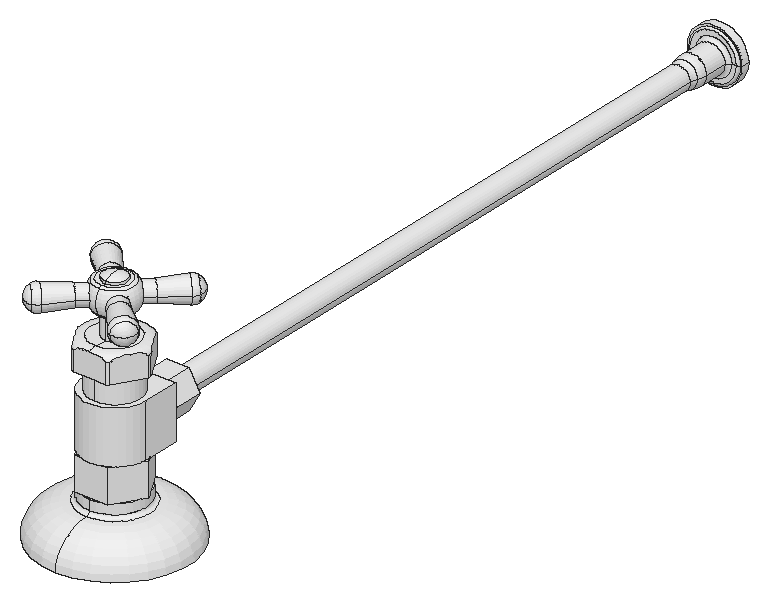
Revit family "Supply_Kit-Watercloset-Waterworks-Universal-Angle", category Plumbing Fixtures, host Face, Revit 2014
Parameters (values of type "NOT A TYPE - Load Type Catalog")
  ‌Installation Requirements or Notes = "Additional made-to-order finish options are available in 12 weeks from purchase\r\n"  # constant formula
  Water Pressure = "Max: 85psi / Min: 20psi / Recommended: 45psi"  # constant formula
  Waste Connection = 1 = 0  # no
  Warranty = "http://www.waterworks.com/warranty"
  Version = "2014 - v1.0a"  # constant formula
  Vent Connection = 1 = 0  # no
  Support Phone = "(224) 699-9545"  # constant formula
  Support Email = "mailto:support@anguleris.com"
  Pressure = 45.00 psi
  Outlet Connection Diameter = 0' - 0 3/8"  # constant formula
  Model SKU = if(and(Constraint = 1, ControlM = 1), "26-98128-10038", if(and(Constraint = 1, ControlM = 2), "26-94704-48892", if(and(Constraint = 1, ControlM = 3), "26-91500-49692", if(and(Constraint = 1, ControlM = 4), "26-75215-59631", if(and(Constraint = 1, ControlM = 5), "26-40591-17287", if(and(Constraint = 1, ControlM = 6), "26-79504-86116", if(and(Constraint = 1, ControlM = 7), "26-94383-34073", if(and(Constraint = 1, ControlM = 8), "26-85701-08009", if(and(Constraint = 1, ControlM = 9), "26-47688-23317", if(and(Constraint = 1, ControlM = 10), "26-64024-09915", if(and(Constraint = 1, ControlM = 11), "26-94389-50764", if(and(Constraint = 1, ControlM = 12), "26-53021-63245", if(and(Constraint = 1, ControlM = 13), "26-52522-07735", if(and(Constraint = 1, ControlM = 14), "26-82545-86021", if(and(Constraint = 1, ControlM = 15), "26-50209-75321", if(and(Constraint = 1, ControlM = 16), "26-20730-88148", if(and(Constraint = 1, ControlM = 17), "26-80070-28824", if(and(Constraint = 2, ControlM = 1), "26-05712-82175", if(and(Constraint = 2, ControlM = 2), "26-62939-38577", if(and(Constraint = 2, ControlM = 3), "26-67944-86272", if(and(Constraint = 2, ControlM = 4), "26-81442-82545", if(and(Constraint = 2, ControlM = 5), "26-34765-26806", if(and(Constraint = 2, ControlM = 6), "26-22145-74198", if(and(Constraint = 2, ControlM = 7), "26-41698-21325", if(and(Constraint = 2, ControlM = 8), "26-48377-83750", if(and(Constraint = 2, ControlM = 9), "26-17450-04785", if(and(Constraint = 2, ControlM = 10), "26-32227-72857", if(and(Constraint = 2, ControlM = 11), "26-38601-89249", if(and(Constraint = 2, ControlM = 12), "26-69594-07291", if(and(Constraint = 2, ControlM = 13), "26-21722-80402", if(and(Constraint = 2, ControlM = 14), "26-01799-84264", if(and(Constraint = 2, ControlM = 15), "26-77155-91201", "Not Available"))))))))))))))))))))))))))))))))  # "26-98128-10038"
  Manufacturer Email = "mailto:acallanan@waterworks.com"
  Short Trim = if(Constraint = 1, 1 = 1, 1 = 0)  # yes
  Length = if(Constraint = 1, 0' 2 3/8", if(Constraint = 2, 0' 2 3/16", 0' 2 3/16"))  # 0' - 2 3/8"
  Keynote = "22 40 00"
  Height Note [instance] = if(Constraint = 1, "4 1/2” - 1' 1 3/8”", if(Constraint = 2, "4 1/2” - 13 1/2”", "Not Available"))  # "4 1/2” - 1' 1 3/8”"
  Height [instance] = C Height  # 1' - 1 3/8"
  HW Connection = 1 = 0  # no
  WFU = 0
  URL = "http://www.waterworks.com/"
  Product Page URL = "http://www.waterworks.com/universal-angle-watercloset-supply-kits-1-2-compression-x-3-8-od-compression-unms31"
  Product Name = if(and(Constraint = 1, ControlM = 1), "Universal Angle Watercloset Supply Kits 1/2” Compression x 3/8” O.D. Compression in Antique Brass", if(and(Constraint = 1, ControlM = 2), "Universal Angle Watercloset Supply Kits 1/2” Compression x 3/8” O.D. Compression in Antique Copper", if(and(Constraint = 1, ControlM = 3), "Universal Angle Watercloset Supply Kits 1/2” Compression x 3/8” O.D. Compression in Architectural Bronze", if(and(Constraint = 1, ControlM = 4), "Universal Angle Watercloset Supply Kits 1/2” Compression x 3/8” O.D. Compression in Burnished Brass", if(and(Constraint = 1, ControlM = 5), "Universal Angle Watercloset Supply Kits 1/2” Compression x 3/8” O.D. Compression in Burnished Nickel", if(and(Constraint = 1, ControlM = 6), "Universal Angle Watercloset Supply Kits 1/2” Compression x 3/8” O.D. Compression in Carbon", if(and(Constraint = 1, ControlM = 7), "Universal Angle Watercloset Supply Kits 1/2” Compression x 3/8” O.D. Compression in Chrome", if(and(Constraint = 1, ControlM = 8), "Universal Angle Watercloset Supply Kits 1/2” Compression x 3/8” O.D. Compression in Gold", if(and(Constraint = 1, ControlM = 9), "Universal Angle Watercloset Supply Kits 1/2” Compression x 3/8” O.D. Compression in Matte Gold", if(and(Constraint = 1, ControlM = 10), "Universal Angle Watercloset Supply Kits 1/2” Compression x 3/8” O.D. Compression in Matte Nickel", if(and(Constraint = 1, ControlM = 11), "Universal Angle Watercloset Supply Kits 1/2” Compression x 3/8” O.D. Compression in Nickel", if(and(Constraint = 1, ControlM = 12), "Universal Angle Watercloset Supply Kits 1/2” Compression x 3/8” O.D. Compression in Pewter", if(and(Constraint = 1, ControlM = 13), "Universal Angle Watercloset Supply Kits 1/2” Compression x 3/8” O.D. Compression in Shiny Copper", if(and(Constraint = 1, ControlM = 14), "Universal Angle Watercloset Supply Kits 1/2” Compression x 3/8” O.D. Compression in Sovereign", if(and(Constraint = 1, ControlM = 15), "Universal Angle Watercloset Supply Kits 1/2” Compression x 3/8” O.D. Compression in Unfinished", if(and(Constraint = 1, ControlM = 16), "Universal Angle Watercloset Supply Kits 1/2” Compression x 3/8” O.D. Compression in Unlacquered Brass", if(and(Constraint = 1, ControlM = 17), "Universal Angle Watercloset Supply Kits 1/2” Compression x 3/8” O.D. Compression in Vintage Brass", if(and(Constraint = 2, ControlM = 1), "Universal Angle Watercloset Supply Kits 1/2” Sweat x 3/8” O.D. Compression in Antique Brass", if(and(Constraint = 2, ControlM = 2), "Universal Angle Watercloset Supply Kits 1/2” Sweat x 3/8” O.D. Compression in Antique Copper", if(and(Constraint = 2, ControlM = 3), "Universal Angle Watercloset Supply Kits 1/2” Sweat x 3/8” O.D. Compression in Architectural Bronze", if(and(Constraint = 2, ControlM = 4), "Universal Angle Watercloset Supply Kits 1/2” Sweat x 3/8” O.D. Compression in Burnished Brass", if(and(Constraint = 2, ControlM = 5), "Universal Angle Watercloset Supply Kits 1/2” Sweat x 3/8” O.D. Compression in Carbon", if(and(Constraint = 2, ControlM = 6), "Universal Angle Watercloset Supply Kits 1/2” Sweat x 3/8” O.D. Compression in Chrome", if(and(Constraint = 2, ControlM = 7), "Universal Angle Watercloset Supply Kits 1/2” Sweat x 3/8” O.D. Compression in Gold", if(and(Constraint = 2, ControlM = 8), "Universal Angle Watercloset Supply Kits 1/2” Sweat x 3/8” O.D. Compression in Matte Gold", if(and(Constraint = 2, ControlM = 9), "Universal Angle Watercloset Supply Kits 1/2” Sweat x 3/8” O.D. Compression in Matte Nickel", if(and(Constraint = 2, ControlM = 10), "Universal Angle Watercloset Supply Kits 1/2” Sweat x 3/8” O.D. Compression in Nickel", if(and(Constraint = 2, ControlM = 11), "Universal Angle Watercloset Supply Kits 1/2” Sweat x 3/8” O.D. Compression in Pewter", if(and(Constraint = 2, ControlM = 12), "Universal Angle Watercloset Supply Kits 1/2” Sweat x 3/8” O.D. Compression in Shiny Copper", if(and(Constraint = 2, ControlM = 13), "Universal Angle Watercloset Supply Kits 1/2” Sweat x 3/8” O.D. Compression in Sovereign", if(and(Constraint = 2, ControlM = 14), "Universal Angle Watercloset Supply Kits 1/2” Sweat x 3/8” O.D. Compression in Unlacquered Brass", if(and(Constraint = 2, ControlM = 15), "Universal Angle Watercloset Supply Kits 1/2” Sweat x 3/8” O.D. Compression in Vintage Brass", "Not Available"))))))))))))))))))))))))))))))))  # "Universal Angle Watercloset Supply Kits 1/2” Compression x 3/8” O.D. Compression in Antique Brass"
  Product Documentation Link = "http://assets.waterworks.com/wasset/185/original/38585.pdf"
  Model = if(Constraint = 1, "UNMS31", if(Constraint = 2, "UNMS33", "Not Available"))  # "UNMS31"
  Material = ""
  Manufacturer Phone Number = "(203)546-6201"  # constant formula
  Manufacturer Address = "60 Backus Avenue, Danbury, CT 06810"  # constant formula
  Manufacturer = "Waterworks"  # constant formula
  HWFU = 0
  Finish = Metal - Waterworks - Chrome
  Desired Height [instance] = 1' - 1 3/8"
  Desired Depth [instance] = 0' - 3 13/16"
  Description = if(and(Constraint = 1, ControlM = 1), "Universal Angle Watercloset Supply Kits 1/2” Compression x 3/8” O.D. Compression in Antique Brass", if(and(Constraint = 1, ControlM = 2), "Universal Angle Watercloset Supply Kits 1/2” Compression x 3/8” O.D. Compression in Antique Copper", if(and(Constraint = 1, ControlM = 3), "Universal Angle Watercloset Supply Kits 1/2” Compression x 3/8” O.D. Compression in Architectural Bronze", if(and(Constraint = 1, ControlM = 4), "Universal Angle Watercloset Supply Kits 1/2” Compression x 3/8” O.D. Compression in Burnished Brass", if(and(Constraint = 1, ControlM = 5), "Universal Angle Watercloset Supply Kits 1/2” Compression x 3/8” O.D. Compression in Burnished Nickel", if(and(Constraint = 1, ControlM = 6), "Universal Angle Watercloset Supply Kits 1/2” Compression x 3/8” O.D. Compression in Carbon", if(and(Constraint = 1, ControlM = 7), "Universal Angle Watercloset Supply Kits 1/2” Compression x 3/8” O.D. Compression in Chrome", if(and(Constraint = 1, ControlM = 8), "Universal Angle Watercloset Supply Kits 1/2” Compression x 3/8” O.D. Compression in Gold", if(and(Constraint = 1, ControlM = 9), "Universal Angle Watercloset Supply Kits 1/2” Compression x 3/8” O.D. Compression in Matte Gold", if(and(Constraint = 1, ControlM = 10), "Universal Angle Watercloset Supply Kits 1/2” Compression x 3/8” O.D. Compression in Matte Nickel", if(and(Constraint = 1, ControlM = 11), "Universal Angle Watercloset Supply Kits 1/2” Compression x 3/8” O.D. Compression in Nickel", if(and(Constraint = 1, ControlM = 12), "Universal Angle Watercloset Supply Kits 1/2” Compression x 3/8” O.D. Compression in Pewter", if(and(Constraint = 1, ControlM = 13), "Universal Angle Watercloset Supply Kits 1/2” Compression x 3/8” O.D. Compression in Shiny Copper", if(and(Constraint = 1, ControlM = 14), "Universal Angle Watercloset Supply Kits 1/2” Compression x 3/8” O.D. Compression in Sovereign", if(and(Constraint = 1, ControlM = 15), "Universal Angle Watercloset Supply Kits 1/2” Compression x 3/8” O.D. Compression in Unfinished", if(and(Constraint = 1, ControlM = 16), "Universal Angle Watercloset Supply Kits 1/2” Compression x 3/8” O.D. Compression in Unlacquered Brass", if(and(Constraint = 1, ControlM = 17), "Universal Angle Watercloset Supply Kits 1/2” Compression x 3/8” O.D. Compression in Vintage Brass", if(and(Constraint = 2, ControlM = 1), "Universal Angle Watercloset Supply Kits 1/2” Sweat x 3/8” O.D. Compression in Antique Brass", if(and(Constraint = 2, ControlM = 2), "Universal Angle Watercloset Supply Kits 1/2” Sweat x 3/8” O.D. Compression in Antique Copper", if(and(Constraint = 2, ControlM = 3), "Universal Angle Watercloset Supply Kits 1/2” Sweat x 3/8” O.D. Compression in Architectural Bronze", if(and(Constraint = 2, ControlM = 4), "Universal Angle Watercloset Supply Kits 1/2” Sweat x 3/8” O.D. Compression in Burnished Brass", if(and(Constraint = 2, ControlM = 5), "Universal Angle Watercloset Supply Kits 1/2” Sweat x 3/8” O.D. Compression in Carbon", if(and(Constraint = 2, ControlM = 6), "Universal Angle Watercloset Supply Kits 1/2” Sweat x 3/8” O.D. Compression in Chrome", if(and(Constraint = 2, ControlM = 7), "Universal Angle Watercloset Supply Kits 1/2” Sweat x 3/8” O.D. Compression in Gold", if(and(Constraint = 2, ControlM = 8), "Universal Angle Watercloset Supply Kits 1/2” Sweat x 3/8” O.D. Compression in Matte Gold", if(and(Constraint = 2, ControlM = 9), "Universal Angle Watercloset Supply Kits 1/2” Sweat x 3/8” O.D. Compression in Matte Nickel", if(and(Constraint = 2, ControlM = 10), "Universal Angle Watercloset Supply Kits 1/2” Sweat x 3/8” O.D. Compression in Nickel", if(and(Constraint = 2, ControlM = 11), "Universal Angle Watercloset Supply Kits 1/2” Sweat x 3/8” O.D. Compression in Pewter", if(and(Constraint = 2, ControlM = 12), "Universal Angle Watercloset Supply Kits 1/2” Sweat x 3/8” O.D. Compression in Shiny Copper", if(and(Constraint = 2, ControlM = 13), "Universal Angle Watercloset Supply Kits 1/2” Sweat x 3/8” O.D. Compression in Sovereign", if(and(Constraint = 2, ControlM = 14), "Universal Angle Watercloset Supply Kits 1/2” Sweat x 3/8” O.D. Compression in Unlacquered Brass", if(and(Constraint = 2, ControlM = 15), "Universal Angle Watercloset Supply Kits 1/2” Sweat x 3/8” O.D. Compression in Vintage Brass", "Not Available"))))))))))))))))))))))))))))))))  # "Universal Angle Watercloset Supply Kits 1/2” Compression x 3/8” O.D. Compression in Antique Brass"
  Depth Note [instance] = if(Constraint = 1, "Set Depth of 3 13/16”", if(Constraint = 2, "4 1/2” & 7 7/8”", "Not Available"))  # "Set Depth of 3 13/16”"
  Depth [instance] = C Depth  # 0' - 3 13/16"
  Default Elevation = 2' - 10"
  Long Trim = not(Short Trim)  # no
  Copyright = "@2017 Waterworks Operating Company LLC. All rights reserved"  # constant formula
  ControlM = 1
  Constraint = 1
  Cold Water Outlet Connection = "Outlet - Compression"  # constant formula
  Cold Water Diameter = 0' - 0 1/2"  # constant formula
  Cold Water Inlet Connection = if(Constraint = 1, "Inlet - Compression", if(Constraint = 2, "Inlet - Sweat", "Not Available"))  # "Inlet - Compression"
  Code Compliance = if(Constraint = 1, "Code # FDMS31: ASME A112.18.1 / CSA B125.1, IAPMO, State of MA", if(Constraint = 2, "Code # FDMS33: ASME A112.18.1 / CSA B125.1, IAPMO, State of MA", "Not Available"))  # "Code # FDMS31: ASME A112.18.1 / CSA B125.1, IAPMO, State of MA"
  Certification cUPC = 1 = 1  # yes
  Certification State of MA = 1 = 1  # yes
  Certification IAPMO = 1 = 1  # yes
  CWFU = 0
  CW Connection = 1 = 1  # yes
  C Height [instance] = if(Desired Height < 0' 4 1/2", 0' 4 1/2", if(and(Desired Height > 1' 1 3/8", Constraint = 1), 1' 1 3/8", if(and(Desired Height > 1' 1 1/2", Constraint = 2), 1' 1 1/2", Desired Height)))  # 1' - 1 3/8"
  C Depth [instance] = if(Constraint = 1, 0' 3 13/16", if(and(Constraint = 2, Desired Depth < 0' 4 1/2"), 0' 4 1/2", if(and(Constraint = 2, Desired Depth > 0' 7 7/8"), 0' 7 7/8", Desired Depth)))  # 0' - 3 13/16"
  Assembly Code = "D2010"
  ADA Compliant = 1 = 1  # yes
Reference planes (in)
  plane 1 "Center (Front/Back)": y = 0
  plane 2 "Back": z = 0
  plane 3 "Center (Left/Right)": x = 0
  plane 4 "Top": y = 12.1875
  plane 5: z = 1.625
  plane 6: z = 3.50686
  plane 7 "Front": z = 3.8125
  plane 8 "Bottom": y = -1.1875
  plane 9: y = 1.1875
Forms (in)
  Revolve 1, solid, material "Metal - Waterworks - Chrome" <- "Finish"
    sketch origin (0, 0, 0) x (0, 1, 0) y (0, 0, 1)
      loop
        line (0, 0) -> (0.375, 0) -> (0.375, 1) -> (0.40625, 1) -> (0.40625, 2.5) -> (0.1875, 2.5) -> (0.1875, 3.28811) -> (0.25764, 3.28811)
        arc (0.25764, 3.28811) -> (0.28465, 3.29425) -> (0.30635, 3.31145) r 0.0625
        arc (0.30635, 3.31145) -> (0.37515, 3.50686) -> (0.30635, 3.70227) r 0.3119
        arc (0.30635, 3.70227) -> (0.28465, 3.71947) -> (0.25764, 3.72561) r 0.0625
        line (0.25764, 3.72561) -> (0.1875, 3.72561) -> (0.1875, 3.75686)
        arc (0.1875, 3.75686) -> (0.09779, 3.7983) -> (0, 3.8125) r 0.34375
        line (0, 3.8125) -> (0, 0)
      axis (0, 3.8125) -> (0, 0)
    angle from 0 to 360
  Extrusion 2, solid, material "Metal - Waterworks - Chrome" <- "Finish"
    sketch origin (0, 0, 0) x (1, 0, 0) y (0, 1, 0)
      loop
        line (-0.27063, 0.46875) -> (-0.54127, 0) -> (-0.27063, -0.46875) -> (0.27063, -0.46875) -> (0.54127, 0) -> (0.27063, 0.46875) -> (-0.27063, 0.46875)
    from 0.75 to 1.28125
  Extrusion 3, solid, material "Metal - Waterworks - Chrome" <- "Finish"
    sketch origin (0, 0, 0) x (1, 0, 0) y (0, 1, 0)
      loop
        arc (-0.5, 0) -> (0, -0.5) -> (0.5, 0) r 0.5
        line (0.5, 0) -> (0.5, 0.59375) -> (-0.5, 0.59375) -> (-0.5, 0)
    from 1.28125 to 2.125
  Revolve 4, solid, material "Metal - Waterworks - Chrome" <- "Finish"
    sketch origin (0, 0, 0) x (0, 1, 0) y (0, 0, 1)
      loop
        line (0, 2.5) -> (0.5625, 2.5) -> (0.5625, 2.8125)
        spline (0.5625, 2.8125) -> (0.5609, 2.82474) -> (0.55611, 2.83676) -> (0.54823, 2.84838) -> (0.53738, 2.85937) -> (0.52375, 2.86957) -> (0.50758, 2.87879) -> (0.48914, 2.88688) -> (0.46875, 2.89369) -> (0.44675, 2.89911) -> (0.42353, 2.90306) -> (0.39947, 2.90545) -> (0.375, 2.90625)
        line (0.375, 2.90625) -> (0, 2.90625) -> (0, 2.5)
      axis (0, 2.90625) -> (0, 2.5)
    angle from 0 to 360
  Extrusion 5, void
    sketch origin (0, 0, 0) x (1, 0, 0) y (0, 1, 0)
      loop
        line (-0.28868, 0.5) -> (-0.57735, 0) -> (-0.28868, -0.5) -> (0.28868, -0.5) -> (0.57735, 0) -> (0.28868, 0.5) -> (-0.28868, 0.5)
      loop
        line (-1.07735, -1) -> (1.07735, -1) -> (1.07735, 1) -> (-1.07735, 1) -> (-1.07735, -1)
    from 2.5 to 2.90625
  Revolve 6, solid, material "Metal - Waterworks - Chrome" <- "Finish"
    sketch origin (0, 1.06769, 3.50686) x (-1, 0, 0) y (0, -1, 0)
      loop
        line (-0.81759, 1.88528) -> (0.81759, 0.25009)
        arc (0.81759, 0.25009) -> (0.8704, 0.33982) -> (0.87302, 0.4439) r 0.20763
        arc (0.87302, 0.4439) -> (0.84952, 0.49729) -> (0.80821, 0.53846) r 0.15748
        arc (0.80821, 0.53846) -> (0.63327, 0.66986) -> (0.4714, 0.81705) r 2.33682
        line (0.4714, 0.81705) -> (-0.25063, 1.53908)
        arc (-0.25063, 1.53908) -> (-0.39782, 1.70096) -> (-0.52922, 1.87589) r 2.33682
        arc (-0.52922, 1.87589) -> (-0.5704, 1.91721) -> (-0.62379, 1.9407) r 0.15748
        arc (-0.62379, 1.9407) -> (-0.72787, 1.93809) -> (-0.81759, 1.88528) r 0.20763
      axis (-0.81759, 1.88528) -> (0.81759, 0.25009)
    angle from 0 to 360
  Revolve 7, solid, material "Metal - Waterworks - Chrome" <- "Finish"
    sketch origin (0, 1.06769, 3.50686) x (-1, 0, 0) y (0, -1, 0)
      loop
        arc (0.82125, 1.88893) -> (0.73152, 1.94174) -> (0.62744, 1.94436) r 0.20763
        arc (0.62744, 1.94436) -> (0.57405, 1.92086) -> (0.53288, 1.87955) r 0.15748
        arc (0.53288, 1.87955) -> (0.40148, 1.70461) -> (0.25429, 1.54274) r 2.33682
        line (0.25429, 1.54274) -> (-0.47505, 0.8134)
        arc (-0.47505, 0.8134) -> (-0.63693, 0.66621) -> (-0.81186, 0.53481) r 2.33682
        arc (-0.81186, 0.53481) -> (-0.85318, 0.49363) -> (-0.87667, 0.44024) r 0.15748
        arc (-0.87667, 0.44024) -> (-0.87406, 0.33616) -> (-0.82125, 0.24644) r 0.20763
        line (-0.82125, 0.24644) -> (0.82125, 1.88893)
      axis (-0.82125, 0.24644) -> (0.82125, 1.88893)
    angle from 0 to 360
  Revolve 8, solid, material "Metal - Waterworks - Chrome" <- "Finish"
    sketch origin (0, 24, 1.625) x (0, 1, 0) y (-1, 0, 0)
      loop
        line (-24, 0) -> (-11.8125, 0) -> (-11.8125, 0.4375) -> (-11.9375, 0.4375) -> (-11.9375, 0.40625)
        arc (-11.9375, 0.40625) -> (-11.9596, 0.3971) -> (-11.96875, 0.375) r 0.03125
        line (-11.96875, 0.375) -> (-11.96875, 0.2938)
        arc (-11.96875, 0.2938) -> (-11.98706, 0.24961) -> (-12.03125, 0.2313) r 0.0625
        line (-12.03125, 0.2313) -> (-12.39439, 0.2313)
        arc (-12.39439, 0.2313) -> (-12.47309, 0.2251) -> (-12.54985, 0.20667) r 0.50302
        arc (-12.54985, 0.20667) -> (-12.60992, 0.19225) -> (-12.67152, 0.1874) r 0.3937
        line (-12.67152, 0.1874) -> (-23.20773, 0.1874) -> (-23.20773, 0.27559) -> (-24, 0.27559) -> (-24, 0)
      axis (-11.8125, 0) -> (-24, 0)
    angle from 0 to 360
  Extrusion 9, solid, material "Metal - Waterworks - Chrome" <- "Finish"
    sketch origin (0, 0, 0) x (1, 0, 0) y (0, 0, 1)
      loop
        line (0.18042, 1.9375) -> (-0.18042, 1.9375) -> (-0.36084, 1.625) -> (-0.18042, 1.3125) -> (0.18042, 1.3125) -> (0.36084, 1.625) -> (0.18042, 1.9375)
    from -1.26668 to -0.79227
  Revolve 10, solid, material "Metal - Waterworks - Chrome" <- "Finish", visible <- "Short Trim"
    sketch origin (0, 0, 0) x (0, 1, 0) y (0, 0, 1)
      loop
        line (0.5, 0.59375) -> (0.5, 0.75) -> (0.375, 0.75) -> (0.375, 0) -> (1.1875, 0)
        spline (1.1875, 0) -> (1.18215, 0.06934) -> (1.1662, 0.1375) -> (1.13992, 0.2033) -> (1.10377, 0.26562) -> (1.05835, 0.3234) -> (1.00444, 0.37565) -> (0.94298, 0.42147) -> (0.875, 0.46008) -> (0.80168, 0.49081) -> (0.72426, 0.51315) -> (0.64408, 0.52671) -> (0.5625, 0.53125)
        arc (0.5625, 0.53125) -> (0.51831, 0.54956) -> (0.5, 0.59375) r 0.0625
      axis (0, 0.75) -> (0, 0)
    angle from 0 to 360
  Revolve 11, solid, material "Metal - Waterworks - Chrome" <- "Finish", visible <- "Long Trim"
    sketch origin (0, 0, 0) x (0, 1, 0) y (0, 0, 1)
      loop
        line (0.375, 1.25) -> (0.375, 0) -> (1.09375, 0) -> (1.09375, 0.14872)
        arc (1.09375, 0.14872) -> (1.08465, 0.1812) -> (1.06, 0.20421) r 0.0625
        arc (1.06, 0.20421) -> (0.65099, 0.58615) -> (0.5, 1.125) r 1.03701
        arc (0.5, 1.125) -> (0.46339, 1.21339) -> (0.375, 1.25) r 0.125
      axis (0, 1.25) -> (0, 0)
    angle from 0 to 360
Cuts and joins
  Extrusion 5 cuts Revolve 4
  joined: Revolve 1, Extrusion 2, Extrusion 3, Revolve 4, Revolve 8, Extrusion 9
Lines and regions (in)
  Masking region 1, visible <- "Short Trim", detail levels coarse
    outline origin (0, 0, 0) x (1, 0, 0) y (0, 0, 1)
      loop
        line (0.5, 2.5) -> (0.56186, 2.5) -> (0.56186, 2.90625) -> (0.1875, 2.90625) -> (0.1875, 3.28811) -> (0.33284, 3.28811) -> (0.33284, 3.35061)
        arc (0.33284, 3.35061) -> (0.47955, 3.34278) -> (0.62458, 3.31936) r 1.3774
        arc (0.62458, 3.31936) -> (0.89413, 3.50686) -> (0.62458, 3.69436) r 0.19999
        arc (0.62458, 3.69436) -> (0.47955, 3.67095) -> (0.33284, 3.66311) r 1.3774
        line (0.33284, 3.66311) -> (0.33284, 3.72561) -> (0.1875, 3.72561) -> (0.1875, 3.75686)
        arc (0.1875, 3.75686) -> (0, 3.8125) -> (-0.1875, 3.75686) r 0.34375
        line (-0.1875, 3.75686) -> (-0.1875, 3.72561) -> (-0.33284, 3.72561) -> (-0.33284, 3.66311)
        arc (-0.33284, 3.66311) -> (-0.47955, 3.67095) -> (-0.62458, 3.69436) r 1.3774
        arc (-0.62458, 3.69436) -> (-0.89413, 3.50686) -> (-0.62458, 3.31936) r 0.19999
        arc (-0.62458, 3.31936) -> (-0.47955, 3.34278) -> (-0.33284, 3.35061) r 1.3774
        line (-0.33284, 3.35061) -> (-0.33284, 3.28811) -> (-0.1875, 3.28811) -> (-0.1875, 2.90625) -> (-0.5625, 2.90625) -> (-0.5625, 2.5) -> (-0.5, 2.5) -> (-0.5, 0.59375)
        arc (-0.5, 0.59375) -> (-0.51831, 0.54956) -> (-0.5625, 0.53125) r 0.0625
        spline (-0.5625, 0.53125) -> (-0.64408, 0.52671) -> (-0.72426, 0.51315) -> (-0.80168, 0.49081) -> (-0.875, 0.46008) -> (-0.94298, 0.42147) -> (-1.00444, 0.37565) -> (-1.05835, 0.3234) -> (-1.10377, 0.26562) -> (-1.13992, 0.2033) -> (-1.1662, 0.1375) -> (-1.18215, 0.06934) -> (-1.1875, 0)
        line (-1.1875, 0) -> (1.1875, 0)
        spline (1.1875, 0) -> (1.18215, 0.06934) -> (1.1662, 0.1375) -> (1.13992, 0.2033) -> (1.10377, 0.26562) -> (1.05835, 0.3234) -> (1.00444, 0.37565) -> (0.94298, 0.42147) -> (0.875, 0.46008) -> (0.80168, 0.49081) -> (0.72426, 0.51315) -> (0.64408, 0.52671) -> (0.5625, 0.53125)
        arc (0.5625, 0.53125) -> (0.51831, 0.54956) -> (0.5, 0.59375) r 0.0625
        line (0.5, 0.59375) -> (0.5, 2.5)
  Masking region 2, visible <- "Short Trim", detail levels medium+fine
    outline origin (0, 0, 0) x (1, 0, 0) y (0, 0, 1)
      loop
        line (0.5, 2.125) -> (0.40625, 2.125) -> (0.40625, 2.5) -> (0.56186, 2.5) -> (0.56186, 2.8125)
        spline (0.56186, 2.8125) -> (0.56026, 2.82474) -> (0.55547, 2.83676) -> (0.54759, 2.84838) -> (0.53674, 2.85937) -> (0.52311, 2.86957) -> (0.50694, 2.87879) -> (0.4885, 2.88688) -> (0.46811, 2.89369) -> (0.44611, 2.89911) -> (0.42289, 2.90306) -> (0.39883, 2.90545) -> (0.37436, 2.90625)
        line (0.37436, 2.90625) -> (0.1875, 2.90625) -> (0.1875, 3.28811) -> (0.26017, 3.28811)
        arc (0.26017, 3.28811) -> (0.30655, 3.30768) -> (0.33284, 3.35061) r 0.08224
        arc (0.33284, 3.35061) -> (0.47955, 3.34278) -> (0.62458, 3.31936) r 1.3774
        arc (0.62458, 3.31936) -> (0.89413, 3.50686) -> (0.62458, 3.69436) r 0.19999
        arc (0.62458, 3.69436) -> (0.47955, 3.67095) -> (0.33284, 3.66311) r 1.3774
        arc (0.33284, 3.66311) -> (0.30655, 3.70604) -> (0.26017, 3.72561) r 0.08224
        line (0.26017, 3.72561) -> (0.1875, 3.72561) -> (0.1875, 3.75686)
        arc (0.1875, 3.75686) -> (0, 3.8125) -> (-0.1875, 3.75686) r 0.34375
        line (-0.1875, 3.75686) -> (-0.1875, 3.72561) -> (-0.26017, 3.72561)
        arc (-0.26017, 3.72561) -> (-0.30655, 3.70604) -> (-0.33284, 3.66311) r 0.08224
        arc (-0.33284, 3.66311) -> (-0.47955, 3.67095) -> (-0.62458, 3.69436) r 1.3774
        arc (-0.62458, 3.69436) -> (-0.89413, 3.50686) -> (-0.62458, 3.31936) r 0.19999
        arc (-0.62458, 3.31936) -> (-0.47955, 3.34278) -> (-0.33284, 3.35061) r 1.3774
        arc (-0.33284, 3.35061) -> (-0.30655, 3.30768) -> (-0.26017, 3.28811) r 0.08224
        line (-0.26017, 3.28811) -> (-0.1875, 3.28811) -> (-0.1875, 2.90625) -> (-0.37436, 2.90625)
        spline (-0.37436, 2.90625) -> (-0.39883, 2.90545) -> (-0.42289, 2.90306) -> (-0.44611, 2.89911) -> (-0.46811, 2.89369) -> (-0.4885, 2.88688) -> (-0.50694, 2.87879) -> (-0.52311, 2.86957) -> (-0.53674, 2.85937) -> (-0.54759, 2.84838) -> (-0.55547, 2.83676) -> (-0.56026, 2.82474) -> (-0.5625, 2.8125)
        line (-0.5625, 2.8125) -> (-0.5625, 2.5) -> (-0.40625, 2.5) -> (-0.40625, 2.125) -> (-0.5, 2.125) -> (-0.5, 1.28125) -> (-0.54127, 1.28125) -> (-0.54127, 0.75) -> (-0.5, 0.75) -> (-0.5, 0.59375)
        arc (-0.5, 0.59375) -> (-0.51831, 0.54956) -> (-0.5625, 0.53125) r 0.0625
        spline (-0.5625, 0.53125) -> (-0.64408, 0.52671) -> (-0.72426, 0.51315) -> (-0.80168, 0.49081) -> (-0.875, 0.46008) -> (-0.94298, 0.42147) -> (-1.00444, 0.37565) -> (-1.05835, 0.3234) -> (-1.10377, 0.26562) -> (-1.13992, 0.2033) -> (-1.1662, 0.1375) -> (-1.18215, 0.06934) -> (-1.1875, 0)
        line (-1.1875, 0) -> (1.1875, 0)
        spline (1.1875, 0) -> (1.18215, 0.06934) -> (1.1662, 0.1375) -> (1.13992, 0.2033) -> (1.10377, 0.26562) -> (1.05835, 0.3234) -> (1.00444, 0.37565) -> (0.94298, 0.42147) -> (0.875, 0.46008) -> (0.80168, 0.49081) -> (0.72426, 0.51315) -> (0.64408, 0.52671) -> (0.5625, 0.53125)
        arc (0.5625, 0.53125) -> (0.51831, 0.54956) -> (0.5, 0.59375) r 0.0625
        line (0.5, 0.59375) -> (0.5, 0.75) -> (0.54127, 0.75) -> (0.54127, 1.28125) -> (0.5, 1.28125) -> (0.5, 2.125)
  Masking region 3, visible <- "Long Trim", detail levels coarse
    outline origin (0, 0, 0) x (1, 0, 0) y (0, 0, 1)
      loop
        line (0.375, 6.5625) -> (0.56186, 6.5625) -> (0.56186, 6.96875) -> (0.1875, 6.96875) -> (0.1875, 7.35061) -> (0.33284, 7.35061) -> (0.33284, 7.41311)
        arc (0.33284, 7.41311) -> (0.47955, 7.40528) -> (0.62458, 7.38186) r 1.3774
        arc (0.62458, 7.38186) -> (0.89413, 7.56936) -> (0.62458, 7.75686) r 0.19999
        arc (0.62458, 7.75686) -> (0.47955, 7.73345) -> (0.33284, 7.72561) r 1.3774
        line (0.33284, 7.72561) -> (0.33284, 7.78811) -> (0.1875, 7.78811) -> (0.1875, 7.81936)
        arc (0.1875, 7.81936) -> (0, 7.875) -> (-0.1875, 7.81936) r 0.34375
        line (-0.1875, 7.81936) -> (-0.1875, 7.78811) -> (-0.33284, 7.78811) -> (-0.33284, 7.72561)
        arc (-0.33284, 7.72561) -> (-0.47955, 7.73345) -> (-0.62458, 7.75686) r 1.3774
        arc (-0.62458, 7.75686) -> (-0.89413, 7.56936) -> (-0.62458, 7.38186) r 0.19999
        arc (-0.62458, 7.38186) -> (-0.47955, 7.40528) -> (-0.33284, 7.41311) r 1.3774
        line (-0.33284, 7.41311) -> (-0.33284, 7.35061) -> (-0.1875, 7.35061) -> (-0.1875, 6.96875) -> (-0.5625, 6.96875) -> (-0.5625, 6.5625) -> (-0.375, 6.5625) -> (-0.375, 1.25)
        arc (-0.375, 1.25) -> (-0.46339, 1.21339) -> (-0.5, 1.125) r 0.125
        arc (-0.5, 1.125) -> (-0.65116, 0.5864) -> (-1.06048, 0.20509) r 1.03516
        arc (-1.06048, 0.20509) -> (-1.08462, 0.18096) -> (-1.09375, 0.14844) r 0.0625
        line (-1.09375, 0.14844) -> (-1.09375, 0) -> (1.09375, 0) -> (1.09375, 0.14844)
        arc (1.09375, 0.14844) -> (1.08462, 0.18096) -> (1.05991, 0.20398) r 0.0625
        arc (1.05991, 0.20398) -> (0.65116, 0.5864) -> (0.5, 1.125) r 1.03516
        arc (0.5, 1.125) -> (0.46339, 1.21339) -> (0.375, 1.25) r 0.125
        line (0.375, 1.25) -> (0.375, 6.5625)
  Masking region 4, visible <- "Long Trim", detail levels medium+fine
    outline origin (0, 0, 0) x (1, 0, 0) y (0, 0, 1)
      loop
        line (0.5, 6.1875) -> (0.40625, 6.1875) -> (0.40625, 6.5625) -> (0.56186, 6.5625) -> (0.56186, 6.875)
        spline (0.56186, 6.875) -> (0.56026, 6.88724) -> (0.55547, 6.89926) -> (0.54759, 6.91088) -> (0.53674, 6.92187) -> (0.52311, 6.93207) -> (0.50694, 6.94129) -> (0.4885, 6.94938) -> (0.46811, 6.95619) -> (0.44611, 6.96161) -> (0.42289, 6.96556) -> (0.39883, 6.96795) -> (0.37436, 6.96875)
        line (0.37436, 6.96875) -> (0.1875, 6.96875) -> (0.1875, 7.35061) -> (0.26017, 7.35061)
        arc (0.26017, 7.35061) -> (0.30655, 7.37018) -> (0.33284, 7.41311) r 0.08224
        arc (0.33284, 7.41311) -> (0.47955, 7.40528) -> (0.62458, 7.38186) r 1.3774
        arc (0.62458, 7.38186) -> (0.89413, 7.56936) -> (0.62458, 7.75686) r 0.19999
        arc (0.62458, 7.75686) -> (0.47955, 7.73345) -> (0.33284, 7.72561) r 1.3774
        arc (0.33284, 7.72561) -> (0.30655, 7.76854) -> (0.26017, 7.78811) r 0.08224
        line (0.26017, 7.78811) -> (0.1875, 7.78811) -> (0.1875, 7.81936)
        arc (0.1875, 7.81936) -> (0, 7.875) -> (-0.1875, 7.81936) r 0.34375
        line (-0.1875, 7.81936) -> (-0.1875, 7.78811) -> (-0.26017, 7.78811)
        arc (-0.26017, 7.78811) -> (-0.30655, 7.76854) -> (-0.33284, 7.72561) r 0.08224
        arc (-0.33284, 7.72561) -> (-0.47955, 7.73345) -> (-0.62458, 7.75686) r 1.3774
        arc (-0.62458, 7.75686) -> (-0.89413, 7.56936) -> (-0.62458, 7.38186) r 0.19999
        arc (-0.62458, 7.38186) -> (-0.47955, 7.40528) -> (-0.33284, 7.41311) r 1.3774
        arc (-0.33284, 7.41311) -> (-0.30655, 7.37018) -> (-0.26017, 7.35061) r 0.08224
        line (-0.26017, 7.35061) -> (-0.1875, 7.35061) -> (-0.1875, 6.96875) -> (-0.37436, 6.96875)
        spline (-0.37436, 6.96875) -> (-0.39883, 6.96795) -> (-0.42289, 6.96556) -> (-0.44611, 6.96161) -> (-0.46811, 6.95619) -> (-0.4885, 6.94938) -> (-0.50694, 6.94129) -> (-0.52311, 6.93207) -> (-0.53674, 6.92187) -> (-0.54759, 6.91088) -> (-0.55547, 6.89926) -> (-0.56026, 6.88724) -> (-0.5625, 6.875)
        line (-0.5625, 6.875) -> (-0.5625, 6.5625) -> (-0.40625, 6.5625) -> (-0.40625, 6.1875) -> (-0.5, 6.1875) -> (-0.5, 5.34375) -> (-0.54127, 5.34375) -> (-0.54127, 4.8125) -> (-0.375, 4.8125) -> (-0.375, 1.25)
        arc (-0.375, 1.25) -> (-0.46339, 1.21339) -> (-0.5, 1.125) r 0.125
        arc (-0.5, 1.125) -> (-0.65116, 0.5864) -> (-1.05991, 0.20398) r 1.03516
        arc (-1.05991, 0.20398) -> (-1.08462, 0.18096) -> (-1.09375, 0.14844) r 0.0625
        line (-1.09375, 0.14844) -> (-1.09375, 0) -> (1.09375, 0) -> (1.09375, 0.14844)
        arc (1.09375, 0.14844) -> (1.08462, 0.18096) -> (1.06048, 0.20509) r 0.0625
        arc (1.06048, 0.20509) -> (0.65116, 0.5864) -> (0.5, 1.125) r 1.03516
        arc (0.5, 1.125) -> (0.46339, 1.21339) -> (0.375, 1.25) r 0.125
        line (0.375, 1.25) -> (0.375, 4.8125) -> (0.54127, 4.8125) -> (0.54127, 5.34375) -> (0.5, 5.34375) -> (0.5, 6.1875)
  symbolic lines, visible <- "Short Trim", detail levels fine
    curve 1: line (0.5625, 0, 0.53125) -> (-0.5625, 0, 0.53125)
  symbolic lines, detail levels fine
    curve 2: line (0.5, 0, 0.75) -> (-0.5, 0, 0.75)
    curve 3: line (0.27063, 0, 0.75) -> (0.27063, 0, 1.28125)
    curve 4: line (0.27063, 0, 1.28125) -> (0.5, 0, 1.28125)
    curve 5: line (-0.27063, 0, 1.28125) -> (-0.27063, 0, 0.75)
    curve 6: line (-0.27063, 0, 1.28125) -> (-0.5, 0, 1.28125)
    curve 7: circle (0, 0, 1.625) r 0.4375 normal (0, -1, 0)
    curve 8: line (0.40625, 0, 2.125) -> (-0.40625, 0, 2.125)
    curve 9: line (0.40625, 0, 2.5) -> (-0.40625, 0, 2.5)
    curve 10: line (0.30417, 0, 2.8125) -> (0.30417, 0, 2.5)
    curve 11: line (0.25769, 0, 2.5) -> (0.25769, 0, 2.8125)
    curve 12: line (-0.25769, 0, 2.8125) -> (-0.25769, 0, 2.5)
    curve 13: line (-0.30417, 0, 2.5) -> (-0.30417, 0, 2.8125)
    curve 14: spline (0.25769, 0, 2.8125) -> (0.24891, 0, 2.83059) -> (0.22317, 0, 2.84744) -> (0.18222, 0, 2.86191) -> (0.12885, 0, 2.87302) -> (0.0667, 0, 2.88) -> (0, 0, 2.88238) -> (-0.0667, 0, 2.88) -> (-0.12885, 0, 2.87302) -> (-0.18222, 0, 2.86191) -> (-0.22317, 0, 2.84744) -> (-0.24891, 0, 2.83059) -> (-0.25769, 0, 2.8125)
    curve 15: spline (-0.30417, 0, 2.8125) -> (-0.30857, 0, 2.83059) -> (-0.32147, 0, 2.84744) -> (-0.342, 0, 2.86191) -> (-0.36875, 0, 2.87302) -> (-0.3999, 0, 2.88) -> (-0.43333, 0, 2.88238) -> (-0.46676, 0, 2.88) -> (-0.49792, 0, 2.87302) -> (-0.52467, 0, 2.86191) -> (-0.54519, 0, 2.84744) -> (-0.5581, 0, 2.83059) -> (-0.5625, 0, 2.8125)
    curve 16: spline (0.5625, 0, 2.8125) -> (0.5581, 0, 2.83059) -> (0.54519, 0, 2.84744) -> (0.52467, 0, 2.86191) -> (0.49792, 0, 2.87302) -> (0.46676, 0, 2.88) -> (0.43333, 0, 2.88238) -> (0.3999, 0, 2.88) -> (0.36875, 0, 2.87302) -> (0.342, 0, 2.86191) -> (0.32147, 0, 2.84744) -> (0.30857, 0, 2.83059) -> (0.30417, 0, 2.8125)
    curve 17: line (0.1875, 0, 2.90625) -> (-0.1875, 0, 2.90625)
    curve 18: line (0.1875, 0, 3.28811) -> (-0.1875, 0, 3.28811)
    curve 19: line (0.1875, 0, 3.72561) -> (-0.1875, 0, 3.72561)
    curve 20: line (0.1875, 0, 3.75686) -> (-0.1875, 0, 3.75686)
    curve 21: line (-0.33284, 0, 3.35061) -> (-0.27034, 0, 3.35061)
    curve 22: line (0.33284, 0, 3.35061) -> (0.27034, 0, 3.35061)
    curve 23: line (0.33284, 0, 3.66311) -> (0.27034, 0, 3.66311)
    curve 24: line (-0.33284, 0, 3.66311) -> (-0.27034, 0, 3.66311)
  symbolic lines, visible <- "Long Trim", detail levels fine
    curve 25: line (0.375, 0, 1.25) -> (-0.375, 0, 1.25)
Dimensions and locks (in)
  Extrusion 2 sketch curve to Extrusion 2 sketch curve = 0' - 0 15/16"  (x3)
  "C Depth": plane 7 "Front" to plane 2 "Back"
  locked: plane 8 "Bottom" to plane 1 "Center (Front/Back)" at 1.1875
  "C Height": plane 8 "Bottom" to plane 4 "Top"
  locked: plane 1 "Center (Front/Back)" to Revolve 8 sketch curve at 0.79227
  equal spacing: Extrusion 9 sketch curve, plane 5, Extrusion 9 sketch curve, locked at 0.3125 each  (x3)
  locked: plane 1 "Center (Front/Back)" to Extrusion 9 at 1.26668
  Revolve 4 sketch curve to Revolve 4 sketch curve to plane 1 "Center (Front/Back)" = 0' - 0 3/16" locked, 0' - 0 3/8" locked
  plane 7 "Front" to Revolve 4 sketch curve to Revolve 4 sketch curve to Revolve 4 sketch curve = 0' - 0 29/32" locked, 0' - 0 3/32" locked, 0' - 0 5/16" locked
  equal spacing: Extrusion 3 sketch curve, plane 3 "Center (Left/Right)", Extrusion 3 sketch curve, locked at 0.5 each
  locked: plane 1 "Center (Front/Back)" to Extrusion 3 sketch curve at 0.59375
  equal spacing: Extrusion 5 sketch curve, plane 3 "Center (Left/Right)", Extrusion 5 sketch curve, locked at 1.07735 each
  equal spacing: Extrusion 5 sketch curve, plane 1 "Center (Front/Back)", Extrusion 5 sketch curve, locked at 1 each
  equal spacing: Extrusion 5 sketch curve, plane 3 "Center (Left/Right)", Extrusion 5 sketch curve, locked at 0.5 each  (x2)
  equal spacing: Extrusion 5 sketch curve, plane 1 "Center (Front/Back)", Extrusion 5 sketch curve, locked at 0.5 each
  locked: plane 3 "Center (Left/Right)" to Revolve 6 sketch curve at 0
  Revolve 6 sketch curve to Revolve 6 sketch curve to Revolve 6 sketch curve to Revolve 6 sketch curve to Revolve 6 sketch curve to plane 3 "Center (Left/Right)" to Revolve 6 sketch curve to Revolve 6 sketch curve = 0' - 0.71984" locked, 0' - 0.52443" locked, 0' - 0.15878" locked, 0' - 0.04885" locked, 0' - 0.67078" locked, 0' - 0.65943" locked, 0' - 0.01135" locked
  Revolve 6 sketch curve to Revolve 6 sketch curve to Revolve 6 sketch curve to Revolve 6 sketch curve to Revolve 6 sketch curve to plane 1 "Center (Front/Back)" to Revolve 6 sketch curve to Revolve 6 sketch curve = 0' - 0.71984" locked, 0' - 0.52443" locked, 0' - 0.15878" locked, 0' - 0.04885" locked, 0' - 0.67078" locked, 0' - 0.65943" locked, 0' - 0.01135" locked
  locked: plane 3 "Center (Left/Right)" to Revolve 7 sketch curve at 0
  Revolve 7 sketch curve to Revolve 7 sketch curve to plane 3 "Center (Left/Right)" to Revolve 7 sketch curve to Revolve 7 sketch curve to Revolve 7 sketch curve to Revolve 7 sketch curve to Revolve 7 sketch curve = 0' - 0.01135" locked, 0' - 0.66308" locked, 0' - 0.67443" locked, 0' - 0.04885" locked, 0' - 0.15878" locked, 0' - 0.51713" locked, 0' - 0.72715" locked
  Revolve 7 sketch curve to Revolve 7 sketch curve to Revolve 7 sketch curve to Revolve 7 sketch curve to Revolve 7 sketch curve to plane 1 "Center (Front/Back)" to Revolve 7 sketch curve to Revolve 7 sketch curve = 0' - 0.72715" locked, 0' - 0.51713" locked, 0' - 0.15878" locked, 0' - 0.04885" locked, 0' - 0.67443" locked, 0' - 0.66308" locked, 0' - 0.01135" locked
  Revolve 10 sketch curve to Revolve 10 sketch curve to plane 2 "Back" = 0' - 0 5/32" locked, 0' - 0 19/32" locked
  plane 7 "Front" to plane 6 to plane 5 = 0' - 0.30564" locked, 0' - 1.88186" locked
  Extrusion 3 to plane 5 to Extrusion 3 to Extrusion 2 = 0' - 0 1/2" locked, 0' - 0 11/32" locked, 0' - 0 17/32" locked
  locked: plane 7 "Front" to Extrusion 5 at 0.90625
  Revolve 10 sketch curve to Revolve 10 sketch curve to Revolve 10 sketch curve to Revolve 10 sketch curve to plane 1 "Center (Front/Back)" = 0' - 0" locked, 0' - 0 1/16" locked, 0' - 0 1/8" locked, 0' - 0 3/8" locked
  plane 7 "Front" to Revolve 1 sketch curve to Revolve 1 sketch curve to Revolve 1 sketch curve to Revolve 1 sketch curve to Revolve 1 sketch curve to Revolve 1 sketch curve to Revolve 1 sketch curve to Revolve 1 sketch curve = 0' - 0" locked, 0' - 0.08689" locked, 0' - 0 1/16" locked, 0' - 0.19436" locked, 0' - 0.11814" locked, 0' - 0 1/16" locked, 0' - 0.78811" locked, 0' - 1 1/2" locked
  Revolve 1 sketch curve to Revolve 1 sketch curve to Revolve 1 sketch curve to Revolve 1 sketch curve to Revolve 1 sketch curve to Revolve 1 sketch curve to Revolve 1 sketch curve to Revolve 1 sketch curve to plane 1 "Center (Front/Back)" = 0' - 0.0311" locked, 0' - 0.00015" locked, 0' - 0.11736" locked, 0' - 0" locked, 0' - 0.07014" locked, 0' - 0" locked, 0' - 0.12425" locked, 0' - 0.06325" locked
  Revolve 11 sketch curve to Revolve 11 sketch curve to Revolve 11 sketch curve to Revolve 11 sketch curve to Revolve 11 sketch curve to plane 1 "Center (Front/Back)" = 0' - 0.44326" locked, 0' - 0 1/16" locked, 0' - 0 21/32" locked, 0' - 0" locked, 0' - 0 3/8" locked
  Revolve 11 sketch curve to Revolve 11 sketch curve to Revolve 11 sketch curve to Revolve 11 sketch curve to plane 2 "Back" = 0' - 0 1/8" locked, 0' - 0" locked, 0' - 0.97628" locked, 0' - 0.14872" locked
  Revolve 8 sketch curve to Revolve 8 sketch curve to Revolve 8 sketch curve to Revolve 8 sketch curve to Revolve 8 sketch curve to Revolve 8 sketch curve to plane 4 "Top" = 0' - 0.27713" locked, 0' - 0.36314" locked, 0' - 0 1/16" locked, 0' - 0 1/32" locked, 0' - 0" locked, 0' - 0 1/8" locked
  Revolve 8 sketch curve to Revolve 8 sketch curve to Revolve 8 sketch curve to Revolve 8 sketch curve to Revolve 8 sketch curve to Revolve 8 sketch curve to plane 3 "Center (Left/Right)" to Revolve 8 sketch curve = 0' - 0.1436" locked, 0' - 0 1/16" locked, 0' - 0.0812" locked, 0' - 0 1/16" locked, 0' - 0.0439" locked, 0' - 0.1874" locked, 0' - 0.27172" locked
  plane 2 "Back" to Masking region 1 sketch curve to Masking region 1 sketch curve = 0' - 0 19/32" locked, 0' - 0" locked
  plane 2 "Back" to Masking region 2 sketch curve to Masking region 2 sketch curve = 0' - 0 19/32" locked, 0' - 0" locked
  Masking region 2 sketch curve to Masking region 2 sketch curve to Masking region 2 sketch curve to Masking region 2 sketch curve to Masking region 2 sketch curve to Masking region 2 sketch curve to Masking region 2 sketch curve to Masking region 2 sketch curve to Masking region 2 sketch curve to Masking region 2 sketch curve to Masking region 2 sketch curve to Masking region 2 sketch curve to Masking region 2 sketch curve to Masking region 2 sketch curve to Masking region 2 sketch curve to Masking region 2 sketch curve to plane 3 "Center (Left/Right)" to Masking region 2 sketch curve to Masking region 2 sketch curve to Masking region 2 sketch curve to Masking region 2 sketch curve to Masking region 2 sketch curve to Masking region 2 sketch curve to Masking region 2 sketch curve to Masking region 2 sketch curve to Masking region 2 sketch curve to Masking region 2 sketch curve to Masking region 2 sketch curve to Masking region 2 sketch curve to Masking region 2 sketch curve to Masking region 2 sketch curve to Masking region 2 sketch curve to Masking region 2 sketch curve = 0' - 0.19999" locked, 0' - 0.13164" locked, 0' - 0" locked, 0' - 0.00064" locked, 0' - 0.02059" locked, 0' - 0.04127" locked, 0' - 0" locked, 0' - 0 3/32" locked, 0' - 0.03189" locked, 0' - 0.04152" locked, 0' - 0" locked, 0' - 0.07992" locked, 0' - 0" locked, 0' - 0.06543" locked, 0' - 0" locked, 0' - 0 3/16" locked, 0' - 0 3/16" locked, 0' - 0" locked, 0' - 0.06543" locked, 0' - 0" locked, 0' - 0.07992" locked, 0' - 0" locked, 0' - 0.04152" locked, 0' - 0.03189" locked, 0' - 0 3/32" locked, 0' - 0" locked, 0' - 0.04127" locked, 0' - 0.02123" locked, 0' - 0" locked, 0' - 0" locked, 0' - 0.13164" locked, 0' - 0.19999" locked
  Masking region 2 sketch curve to Masking region 2 sketch curve to Masking region 2 sketch curve to Masking region 2 sketch curve to Masking region 2 sketch curve to Masking region 2 sketch curve to Masking region 2 sketch curve to Masking region 2 sketch curve to Masking region 2 sketch curve to Masking region 2 sketch curve to Masking region 2 sketch curve to Masking region 2 sketch curve to Masking region 2 sketch curve to Masking region 2 sketch curve to Masking region 2 sketch curve to Masking region 2 sketch curve to Masking region 2 sketch curve to Masking region 2 sketch curve to Masking region 2 sketch curve to Masking region 2 sketch curve to Masking region 2 sketch curve to Masking region 2 sketch curve to Masking region 2 sketch curve to Masking region 2 sketch curve to Masking region 2 sketch curve to Masking region 2 sketch curve to Masking region 2 sketch curve to plane 7 "Front" to Masking region 2 sketch curve to Masking region 2 sketch curve to Masking region 2 sketch curve = 0' - 0" locked, 0' - 0 17/32" locked, 0' - 0" locked, 0' - 0.69196" locked, 0' - 0" locked, 0' - 0.15179" locked, 0' - 0" locked, 0' - 0 3/8" locked, 0' - 0" locked, 0' - 0 5/16" locked, 0' - 0" locked, 0' - 0 3/32" locked, 0' - 0" locked, 0' - 0.38186" locked, 0' - 0" locked, 0' - 0 1/16" locked, 0' - 0" locked, 0' - 0.01942" locked, 0' - 0" locked, 0' - 0.09872" locked, 0' - 0.17494" locked, 0' - 0" locked, 0' - 0.01942" locked, 0' - 0" locked, 0' - 0 1/16" locked, 0' - 0" locked, 0' - 0.08689" locked, 0' - 0" locked, 0' - 1.22801" locked, 0' - 0" locked
  locked: plane 2 "Back" to curve 1 at 0.53125
  equal spacing: curve 1, plane 3 "Center (Left/Right)", curve 1, locked at 0.5625 each
  curve 16 to curve 14 to curve 15 to plane 7 "Front" = 0' - 0" locked, 0' - 0" locked, 0' - 1" locked
  equal spacing: curve 16, plane 3 "Center (Left/Right)", curve 15, locked at 0.43333 each
  Masking region 4 sketch curve to Masking region 4 sketch curve to Masking region 4 sketch curve to Masking region 4 sketch curve to Masking region 4 sketch curve to Masking region 4 sketch curve to Masking region 4 sketch curve to Masking region 4 sketch curve to Masking region 4 sketch curve to Masking region 4 sketch curve to Masking region 4 sketch curve to Masking region 4 sketch curve to Masking region 4 sketch curve to Masking region 4 sketch curve to Masking region 4 sketch curve to Masking region 4 sketch curve to Masking region 4 sketch curve to Masking region 4 sketch curve to plane 3 "Center (Left/Right)" to Masking region 4 sketch curve to Masking region 4 sketch curve to Masking region 4 sketch curve to Masking region 4 sketch curve to Masking region 4 sketch curve to Masking region 4 sketch curve to Masking region 4 sketch curve to Masking region 4 sketch curve to Masking region 4 sketch curve to Masking region 4 sketch curve to Masking region 4 sketch curve to Masking region 4 sketch curve to Masking region 4 sketch curve to Masking region 4 sketch curve to Masking region 4 sketch curve to Masking region 4 sketch curve to Masking region 4 sketch curve to Masking region 4 sketch curve = 0' - 0 113/256" locked, 0' - 0 1/16" locked, 0' - 0.13712" locked, 0' - 0.19999" locked, 0' - 0.13228" locked, 0' - 0.02059" locked, 0' - 0.04127" locked, 0' - 0 3/32" locked, 0' - 0 1/32" locked, 0' - 0" locked, 0' - 0.00064" locked, 0' - 0.04152" locked, 0' - 0" locked, 0' - 0.07992" locked, 0' - 0" locked, 0' - 0.06543" locked, 0' - 0" locked, 0' - 0 3/16" locked, 0' - 0 3/16" locked, 0' - 0" locked, 0' - 0.06543" locked, 0' - 0" locked, 0' - 0.07992" locked, 0' - 0" locked, 0' - 0.04152" locked, 0' - 0.00064" locked, 0' - 0" locked, 0' - 0 1/32" locked, 0' - 0 3/32" locked, 0' - 0.04127" locked, 0' - 0.02123" locked, 0' - 0.13164" locked, 0' - 0.19999" locked, 0' - 0.13712" locked, 0' - 0 1/16" locked, 0' - 0 113/256" locked
  plane 2 "Back" to Masking region 4 sketch curve to Masking region 4 sketch curve to Masking region 4 sketch curve to Masking region 4 sketch curve to Masking region 4 sketch curve to Masking region 4 sketch curve to Masking region 4 sketch curve to Masking region 4 sketch curve to Masking region 4 sketch curve to Masking region 4 sketch curve to Masking region 4 sketch curve to Masking region 4 sketch curve to Masking region 4 sketch curve to Masking region 4 sketch curve to Masking region 4 sketch curve to Masking region 4 sketch curve to Masking region 4 sketch curve to Masking region 4 sketch curve to Masking region 4 sketch curve to Masking region 4 sketch curve to Masking region 4 sketch curve to Masking region 4 sketch curve to Masking region 4 sketch curve to Masking region 4 sketch curve to Masking region 4 sketch curve to Masking region 4 sketch curve to Masking region 4 sketch curve to Masking region 4 sketch curve to Masking region 4 sketch curve to Masking region 4 sketch curve to Masking region 4 sketch curve to Masking region 4 sketch curve to Masking region 4 sketch curve to Masking region 4 sketch curve = 0' - 0 19/128" locked, 0' - 0" locked, 0' - 0 125/128" locked, 0' - 0" locked, 0' - 3 11/16" locked, 0' - 0" locked, 0' - 0 17/32" locked, 0' - 0" locked, 0' - 0.69196" locked, 0' - 0" locked, 0' - 0.15179" locked, 0' - 0" locked, 0' - 0 3/8" locked, 0' - 0" locked, 0' - 0 5/16" locked, 0' - 0" locked, 0' - 0 3/32" locked, 0' - 0" locked, 0' - 0.38186" locked, 0' - 0" locked, 0' - 0 1/16" locked, 0' - 0" locked, 0' - 0.01942" locked, 0' - 0" locked, 0' - 0.09872" locked, 0' - 0.17494" locked, 0' - 0" locked, 0' - 0.01942" locked, 0' - 0" locked, 0' - 0 1/16" locked, 0' - 0" locked, 0' - 0.08689" locked, 0' - 1.22801" locked, 0' - 0" locked
  locked: plane 2 "Back" to curve 25 at 1.25
  equal spacing: curve 25, plane 3 "Center (Left/Right)", curve 25, locked at 0.375 each
  locked: plane 1 "Center (Front/Back)" to plane 9 at 1.1875
  Masking region 1 sketch curve to Masking region 1 sketch curve to Masking region 1 sketch curve to Masking region 1 sketch curve to Masking region 1 sketch curve to Masking region 1 sketch curve to Masking region 1 sketch curve to Masking region 1 sketch curve to Masking region 1 sketch curve to Masking region 1 sketch curve to Masking region 1 sketch curve to Masking region 1 sketch curve to plane 3 "Center (Left/Right)" to Masking region 1 sketch curve to Masking region 1 sketch curve to Masking region 1 sketch curve to Masking region 1 sketch curve to Masking region 1 sketch curve to Masking region 1 sketch curve to Masking region 1 sketch curve to Masking region 1 sketch curve to Masking region 1 sketch curve to Masking region 1 sketch curve to Masking region 1 sketch curve to Masking region 1 sketch curve = 0' - 0.19999" locked, 0' - 0.13164" locked, 0' - 0" locked, 0' - 0.00064" locked, 0' - 0.06186" locked, 0' - 0.16716" locked, 0' - 0" locked, 0' - 0" locked, 0' - 0" locked, 0' - 0.14534" locked, 0' - 0" locked, 0' - 0 3/16" locked, 0' - 0 3/16" locked, 0' - 0" locked, 0' - 0.14534" locked, 0' - 0" locked, 0' - 0" locked, 0' - 0" locked, 0' - 0.16716" locked, 0' - 0 1/16" locked, 0' - 0" locked, 0' - 0" locked, 0' - 0.13164" locked, 0' - 0.19999" locked
  Masking region 1 sketch curve to Masking region 1 sketch curve to Masking region 1 sketch curve to Masking region 1 sketch curve to Masking region 1 sketch curve to Masking region 1 sketch curve to Masking region 1 sketch curve to Masking region 1 sketch curve to Masking region 1 sketch curve to Masking region 1 sketch curve to plane 6 to Masking region 1 sketch curve to Masking region 1 sketch curve to Masking region 1 sketch curve to Masking region 1 sketch curve to Masking region 1 sketch curve to Masking region 1 sketch curve to Masking region 1 sketch curve = 0' - 0" locked, 0' - 0.52679" locked, 0' - 0" locked, 0' - 0 13/32" locked, 0' - 0.38186" locked, 0' - 0" locked, 0' - 0 1/16" locked, 0' - 0" locked, 0' - 0.11814" locked, 0' - 0.03811" locked, 0' - 0 5/32" locked, 0' - 0" locked, 0' - 0 1/16" locked, 0' - 0" locked, 0' - 0.08689" locked, 0' - 1.22801" locked, 0' - 0" locked
  plane 2 "Back" to Masking region 3 sketch curve to Masking region 3 sketch curve to Masking region 3 sketch curve to Masking region 3 sketch curve to Masking region 3 sketch curve to Masking region 3 sketch curve to Masking region 3 sketch curve to Masking region 3 sketch curve to Masking region 3 sketch curve to Masking region 3 sketch curve to Masking region 3 sketch curve to Masking region 3 sketch curve to Masking region 3 sketch curve to Masking region 3 sketch curve to Masking region 3 sketch curve to Masking region 3 sketch curve to Masking region 3 sketch curve to Masking region 3 sketch curve to Masking region 3 sketch curve to Masking region 3 sketch curve to Masking region 3 sketch curve to Masking region 3 sketch curve to Masking region 3 sketch curve to Masking region 3 sketch curve = 0' - 0 19/128" locked, 0' - 0" locked, 0' - 0 125/128" locked, 0' - 0" locked, 0' - 0" locked, 0' - 0" locked, 0' - 4.91071" locked, 0' - 0" locked, 0' - 0.52679" locked, 0' - 0" locked, 0' - 0 13/32" locked, 0' - 0" locked, 0' - 0.38186" locked, 0' - 0" locked, 0' - 0 1/16" locked, 0' - 0" locked, 0' - 0.11814" locked, 0' - 0.19436" locked, 0' - 0" locked, 0' - 0 1/16" locked, 0' - 0" locked, 0' - 0.08689" locked, 0' - 1.22801" locked, 0' - 0" locked
  Masking region 3 sketch curve to Masking region 3 sketch curve to Masking region 3 sketch curve to Masking region 3 sketch curve to Masking region 3 sketch curve to Masking region 3 sketch curve to Masking region 3 sketch curve to Masking region 3 sketch curve to Masking region 3 sketch curve to Masking region 3 sketch curve to Masking region 3 sketch curve to plane 3 "Center (Left/Right)" to Masking region 3 sketch curve to Masking region 3 sketch curve to Masking region 3 sketch curve to Masking region 3 sketch curve to Masking region 3 sketch curve to Masking region 3 sketch curve to Masking region 3 sketch curve to Masking region 3 sketch curve to Masking region 3 sketch curve to Masking region 3 sketch curve to Masking region 3 sketch curve = 0' - 0 113/256" locked, 0' - 0 1/16" locked, 0' - 0.13712" locked, 0' - 0.19999" locked, 0' - 0.13228" locked, 0' - 0.18686" locked, 0' - 0" locked, 0' - 0.04216" locked, 0' - 0" locked, 0' - 0.14534" locked, 0' - 0 3/16" locked, 0' - 0 3/16" locked, 0' - 0.14534" locked, 0' - 0" locked, 0' - 0.04216" locked, 0' - 0" locked, 0' - 0 3/16" locked, 0' - 0.13164" locked, 0' - 0.19999" locked, 0' - 0.13712" locked, 0' - 0 1/16" locked, 0' - 0 113/256" locked
  aligned and locked: host face to plane 2 "Back"
  aligned and locked: level to host face
  aligned and locked: Extrusion 5 to Revolve 4
  aligned and locked: Revolve 6 sketch curve to Revolve 6 sketch curve
  aligned and locked: Revolve 7 sketch curve to Revolve 7 sketch curve  (x2)
  aligned and locked: plane 1 "Center (Front/Back)" to Revolve 8 sketch curve
  aligned and locked: plane 4 "Top" to Revolve 8 sketch curve
  aligned and locked: Extrusion 9 to Revolve 8
  aligned and locked: Revolve 1 sketch curve to plane 1 "Center (Front/Back)"
  aligned and locked: plane 1 "Center (Front/Back)" to Revolve 1 sketch curve
  aligned and locked: Revolve 4 sketch curve to plane 1 "Center (Front/Back)"
  aligned and locked: plane 1 "Center (Front/Back)" to Revolve 4 sketch curve
  aligned and locked: Revolve 8 sketch curve to plane 3 "Center (Left/Right)"
  aligned and locked: plane 3 "Center (Left/Right)" to Revolve 8 sketch curve
  aligned and locked: plane 1 "Center (Front/Back)" to Extrusion 3 sketch curve
  aligned and locked: Revolve 10 sketch curve to plane 1 "Center (Front/Back)"
  aligned and locked: plane 2 "Back" to Revolve 10 sketch curve  (x2)
  aligned and locked: Extrusion 2 to Extrusion 3
  aligned and locked: plane 1 "Center (Front/Back)" to Revolve 11 sketch curve
  aligned and locked: Revolve 11 sketch curve to plane 2 "Back"
  aligned and locked: plane 3 "Center (Left/Right)" to Masking region 1 sketch curve
  aligned and locked: plane 6 to Masking region 1 sketch curve  (x2)
  aligned and locked: plane 2 "Back" to Masking region 1 sketch curve  (x3)
  aligned and locked: plane 2 "Back" to Masking region 2 sketch curve  (x3)
  aligned and locked: plane 6 to Masking region 2 sketch curve  (x2)
  aligned and locked: plane 3 "Center (Left/Right)" to Masking region 2 sketch curve
  aligned and locked: cut or joined group of Revolve 1, Extrusion 2, Extrusion 3, Revolve 4, Extrusion 5, Revolve 8, Extrusion 9 to curve 2
  aligned and locked: curve 3 to cut or joined group of Revolve 1, Extrusion 2, Extrusion 3, Revolve 4, Extrusion 5, Revolve 8, Extrusion 9
  aligned and locked: curve 5 to cut or joined group of Revolve 1, Extrusion 2, Extrusion 3, Revolve 4, Extrusion 5, Revolve 8, Extrusion 9
  aligned and locked: curve 7 to cut or joined group of Revolve 1, Extrusion 2, Extrusion 3, Revolve 4, Extrusion 5, Revolve 8, Extrusion 9  (x2)
  aligned and locked: curve 8 to cut or joined group of Revolve 1, Extrusion 2, Extrusion 3, Revolve 4, Extrusion 5, Revolve 8, Extrusion 9
  aligned and locked: curve 9 to cut or joined group of Revolve 1, Extrusion 2, Extrusion 3, Revolve 4, Extrusion 5, Revolve 8, Extrusion 9
  aligned and locked: curve 10 to cut or joined group of Revolve 1, Extrusion 2, Extrusion 3, Revolve 4, Extrusion 5, Revolve 8, Extrusion 9
  aligned and locked: curve 11 to cut or joined group of Revolve 1, Extrusion 2, Extrusion 3, Revolve 4, Extrusion 5, Revolve 8, Extrusion 9
  aligned and locked: curve 12 to cut or joined group of Revolve 1, Extrusion 2, Extrusion 3, Revolve 4, Extrusion 5, Revolve 8, Extrusion 9
  aligned and locked: curve 13 to cut or joined group of Revolve 1, Extrusion 2, Extrusion 3, Revolve 4, Extrusion 5, Revolve 8, Extrusion 9
  aligned and locked: plane 3 "Center (Left/Right)" to curve 14
  aligned and locked: Masking region 2 to curve 17
  aligned and locked: cut or joined group of Revolve 1, Extrusion 2, Extrusion 3, Revolve 4, Extrusion 5, Revolve 8, Extrusion 9 to curve 18
  aligned and locked: cut or joined group of Revolve 1, Extrusion 2, Extrusion 3, Revolve 4, Extrusion 5, Revolve 8, Extrusion 9 to curve 19
  aligned and locked: curve 20 to cut or joined group of Revolve 1, Extrusion 2, Extrusion 3, Revolve 4, Extrusion 5, Revolve 8, Extrusion 9
  aligned and locked: curve 21 to Masking region 2  (x2)
  aligned and locked: curve 22 to Masking region 2  (x2)
  aligned and locked: curve 23 to Masking region 2  (x2)
  aligned and locked: curve 24 to Masking region 2  (x2)
  aligned and locked: Masking region 3 sketch curve to plane 2 "Back"
  aligned and locked: plane 3 "Center (Left/Right)" to Masking region 3 sketch curve
  aligned and locked: plane 3 "Center (Left/Right)" to Masking region 4 sketch curve
  aligned and locked: Masking region 4 sketch curve to plane 2 "Back"
Automatic sketch dimensions
  host sketch curve to host sketch curve = 6' - 0"  (x2)
  Extrusion 9 sketch curve to plane 5 = 0' - 0"  (x2)
  plane 1 "Center (Front/Back)" to Extrusion 2 sketch curve = 0' - 0"  (x2)
  Extrusion 2 sketch curve to plane 3 "Center (Left/Right)" = 0' - 0.54127"
  Extrusion 2 sketch curve to plane 3 "Center (Left/Right)" = 0' - 0.27063"
  plane 3 "Center (Left/Right)" to Extrusion 2 sketch curve = 0' - 0.27063"
  plane 1 "Center (Front/Back)" to Extrusion 3 sketch curve = 0' - 0"
  Revolve 4 sketch curve to level = 2' - 0"
  plane 7 "Front" to Revolve 4 sketch curve = 1' - 8 3/16"
  plane 1 "Center (Front/Back)" to Extrusion 5 sketch curve = 0' - 0"  (x2)
  Extrusion 5 sketch curve to plane 3 "Center (Left/Right)" = 0' - 0.28868"  (x2)
